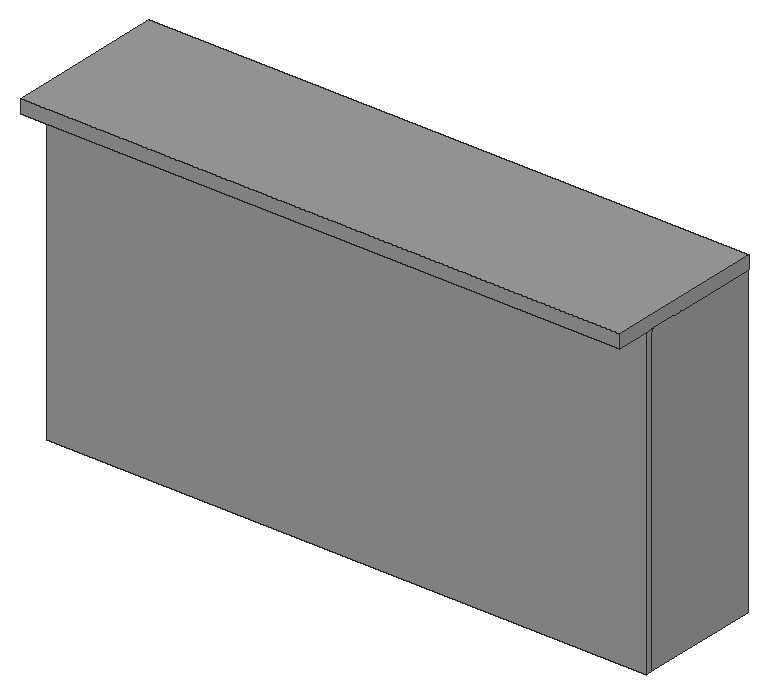
Revit family "Kitchen_Island", category Casework, Revit 2021
Family settings
  OmniClass Number = 23.40.35.00
  OmniClass Title = Casework
  Work Plane-Based = No
  Always vertical = Yes
  Cut with Voids When Loaded = No
  Shared = No
  Room Calculation Point = No
Parameters
  Depth = 2' - 0"
  Height = 3' - 0"
  Width = 4' - 11.05512"
  Default Elevation = 0' - 0"
Reference planes (in)
  plane 1: z = 0
  plane 2 "Left": x = -23.2623
  plane 3 "Right": x = 24.7377
  plane 4 "Front": y = -24
  plane 5 "Top": z = 36
Forms (in)
  Extrusion 1, solid, material "Marble"
    sketch origin (0, 0, 0) x (1, 0, 0) y (0, 1, 0)
      loop
        line (-34.89109, 75.86716) -> (-34.89109, 51.86716) -> (55.10891, 51.86716) -> (55.10891, 75.86716) -> (-34.89109, 75.86716)
    from 46 to 48
  Extrusion 2, solid, material "Wood Finish"
    sketch origin (0, 0, 0) x (1, 0, 0) y (0, 1, 0)
      loop
        line (33.10891, 57.86716) -> (55.10891, 57.86716) -> (55.10891, 75.86716) -> (33.10891, 75.86716) -> (33.10891, 57.86716)
      loop
        line (10.60891, 57.86716) -> (32.10891, 57.86716) -> (32.10891, 75.86716) -> (10.60891, 75.86716) -> (10.60891, 57.86716)
      loop
        line (9.60891, 57.86716) -> (9.60891, 75.86716) -> (-11.89109, 75.86716) -> (-11.89109, 57.86716) -> (9.60891, 57.86716)
      loop
        line (-12.89109, 57.86716) -> (-12.89109, 75.86716) -> (-34.89109, 75.86716) -> (-34.89109, 57.86716) -> (-12.89109, 57.86716)
    from 0 to 46
  Extrusion 3, solid, material "Wood Finish"
    sketch origin (0, 0, 0) x (1, 0, 0) y (0, 1, 0)
      loop
        line (-34.89109, 57.86716) -> (-34.89109, 56.86716) -> (55.10891, 56.86716) -> (55.10891, 57.86716) -> (-34.89109, 57.86716)
    from 0 to 46
  Extrusion 4, void
    sketch origin (33.10891, 75.86716, 0) x (-1, 0, 0) y (0, 0, -1)
      loop
        line (-20, -2) -> (-20, -44) -> (-2, -44) -> (-2, -2) -> (-20, -2)
      loop
        line (20.5, -2) -> (3, -2) -> (3, -44) -> (20.5, -44) -> (20.5, -2)
      loop
        line (66, -2) -> (48, -2) -> (48, -44) -> (66, -44) -> (66, -2)
      loop
        line (25.5, -2) -> (25.5, -44) -> (43, -44) -> (43, -2) -> (25.5, -2)
    from 0 to 16
  Extrusion 5, solid, material "Cabinet Glass door"
    sketch origin (33.10891, 75.86716, 0) x (1, 0, 0) y (0, 0, -1)
      loop
        line (20, -44) -> (20, -2) -> (2, -2) -> (2, -44) -> (20, -44)
      loop
        line (-3, -44) -> (-3, -2) -> (-20.5, -2) -> (-20.5, -44) -> (-3, -44)
      loop
        line (-25.5, -44) -> (-25.5, -2) -> (-43, -2) -> (-43, -44) -> (-25.5, -44)
      loop
        line (-48, -44) -> (-48, -2) -> (-66, -2) -> (-66, -44) -> (-48, -44)
    from 0 to -0.5
  Extrusion 6, solid, material "Chrome"
    sketch origin (33.10891, 75.86716, 0) x (1, 0, 0) y (0, 0, -1)
      loop
        circle (4, -23) r 1
      loop
        circle (-5, -23) r 1
      loop
        circle (-41, -23) r 1
      loop
        circle (-50, -23) r 1
    from 0.75 to 1
  Extrusion 7, solid, material "Chrome"
    sketch origin (33.10891, 75.86716, 0) x (1, 0, 0) y (0, 0, -1)
      loop
        circle (-41, -23) r 0.25
      loop
        circle (-50, -23) r 0.25
      loop
        circle (-5, -23) r 0.25
      loop
        circle (4, -23) r 0.25
    from -0.5 to 0.875
  Extrusion 8, solid, material "Wood Finish"
    sketch origin (33.10891, 75.86716, 0) x (1, 0, 0) y (0, 0, -1)
      loop
        line (0, -46) -> (0.25, 0) -> (-1, 0) -> (-1, -46) -> (0, -46)
      loop
        line (-22.5, -46) -> (-22.5, 0) -> (-23.5, 0) -> (-23.5, -46) -> (-22.5, -46)
      loop
        line (-45, -46) -> (-45, 0) -> (-46, 0) -> (-46, -46) -> (-45, -46)
    from 0 to -1
  Extrusion 9, solid, material "Wood Finish"
    sketch origin (33.10891, 75.86716, 0) x (1, 0, 0) y (0, 0, -1)
      loop
        line (-66, -23.5) -> (20, -23.5) -> (20, -22.5) -> (-66, -22.5) -> (-66, -23.5)
    from -2 to -18
Cuts and joins
  Extrusion 4 cuts Extrusion 2
Dimensions and locks (in)
  plane 2 "Left" to plane 3 "Right" = 4' - 0"
  "Height": level to plane 5 "Top"
  aligned and locked: plane 1 to level
Automatic sketch dimensions
  plane 2 "Left" to Extrusion 1 sketch curve = 0' - 11.62879"
  Extrusion 1 sketch curve to plane 3 "Right" = 2' - 6.37121"
  Extrusion 1 sketch curve to plane 4 "Front" = 6' - 3.86716"
  Extrusion 1 sketch curve to Extrusion 1 sketch curve = 2' - 0"
  plane 2 "Left" to Extrusion 2 sketch curve = 0' - 11.62879"
  Extrusion 2 sketch curve to plane 2 "Left" = 0' - 10.37121"
  Extrusion 2 sketch curve to Extrusion 2 sketch curve = 0' - 1"  (x3)
  plane 3 "Right" to Extrusion 2 sketch curve = 1' - 3.12879"
  Extrusion 2 sketch curve to plane 3 "Right" = 0' - 7.37121"
  Extrusion 2 sketch curve to Extrusion 2 sketch curve = 1' - 10"
  Extrusion 2 sketch curve to plane 4 "Front" = 6' - 9.86716"
  Extrusion 2 sketch curve to Extrusion 2 sketch curve = 0' - 0"  (x6)
  Extrusion 2 sketch curve to Extrusion 2 sketch curve = 1' - 6"
  plane 2 "Left" to Extrusion 3 sketch curve = 0' - 11.62879"
  Extrusion 3 sketch curve to plane 3 "Right" = 2' - 6.37121"
  Extrusion 3 sketch curve to plane 4 "Front" = 6' - 8.86716"
  Extrusion 3 sketch curve to Extrusion 3 sketch curve = 0' - 1"
  Extrusion 4 sketch curve to Extrusion 2 = 0' - 2"  (x9)
  Extrusion 2 to Extrusion 4 sketch curve = 0' - 2"
  Extrusion 4 sketch curve to Extrusion 2 = 0' - 3"
  Extrusion 4 sketch curve to Extrusion 4 sketch curve = 1' - 5 1/2"  (x2)
  Extrusion 4 sketch curve to Extrusion 4 sketch curve = 0' - 5"  (x2)
  Extrusion 4 sketch curve to Extrusion 4 sketch curve = 1' - 6"
  Extrusion 2 to Extrusion 5 sketch curve = 0' - 2"  (x9)
  Extrusion 2 to Extrusion 5 sketch curve = 5' - 6"
  Extrusion 5 sketch curve to Extrusion 5 sketch curve = 1' - 6"
  Extrusion 5 sketch curve to Extrusion 5 sketch curve = 0' - 5"  (x2)
  Extrusion 5 sketch curve to Extrusion 5 sketch curve = 1' - 5 1/2"
  Extrusion 2 to Extrusion 5 sketch curve = 0' - 3"
  Extrusion 5 sketch curve to Extrusion 2 = 0' - 2"
  Extrusion 2 to Extrusion 6 sketch curve = 0' - 5"
  Extrusion 2 to Extrusion 6 sketch curve = 1' - 11"  (x2)
  Extrusion 6 sketch curve to Extrusion 6 sketch curve = 0' - 9"
  Extrusion 6 sketch curve to Extrusion 6 sketch curve = 0' - 0"  (x2)
  Extrusion 6 sketch curve to Extrusion 6 sketch curve = 3' - 0"
  Extrusion 6 sketch curve to Extrusion 2 = 0' - 4"
  Extrusion 7 sketch curve to Extrusion 2 = 0' - 4"
  Extrusion 2 to Extrusion 7 sketch curve = 0' - 5"
  Extrusion 2 to Extrusion 7 sketch curve = 1' - 11"  (x2)
  Extrusion 7 sketch curve to Extrusion 7 sketch curve = 0' - 0"  (x2)
  Extrusion 7 sketch curve to Extrusion 7 sketch curve = 3' - 0"
  Extrusion 7 sketch curve to Extrusion 7 sketch curve = 0' - 9"
  Extrusion 8 sketch curve to Extrusion 2 = 0' - 0"  (x6)
  Extrusion 2 to Extrusion 8 sketch curve = 0' - 0"
  Extrusion 8 sketch curve to Extrusion 8 sketch curve = 0' - 1"  (x3)
  Extrusion 8 sketch curve to Extrusion 8 sketch curve = 1' - 9 1/2"  (x2)
  Extrusion 8 sketch curve to Extrusion 2 = 0' - 0 1/4"
  Extrusion 2 to Extrusion 9 sketch curve = 1' - 10 1/2"
  Extrusion 2 to Extrusion 9 sketch curve = 5' - 6"
  Extrusion 2 to Extrusion 9 sketch curve = 0' - 2"
  Extrusion 9 sketch curve to Extrusion 9 sketch curve = 0' - 1"
  radius of Extrusion 6 sketch curve = 0' - 1"  (x4)
  radius of Extrusion 7 sketch curve = 0' - 0 1/4"  (x4)
